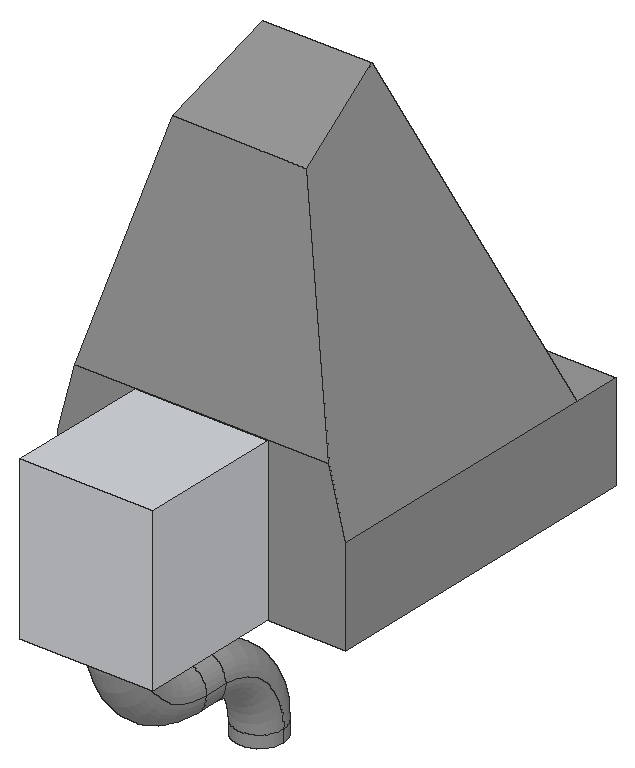
Revit family "Urinal-Willoughby-UW-1412-BJ-BS", category Plumbing Fixtures, Revit 2015
Parameters (values of type "Standard")
  Waste DIA = 2"
  Waste Connection = yes
  Vent Connection = no
  URL = "https://www.willoughby-ind.com/wp-content/uploads/2018/01/UW-1412-BJ.pdf"
  Type Comments = ""
  Revision = "A"
  Model = "UW-1412-BJ-BS"
  Manufacturer = "Willoughby Industries"
  HW Connection = no
  Flush Inlet DIA = 1 1/2"
  Flush Inlet Connection = yes
  Fixture Body = Stainless Steel AISI 304-Willoughby
  Description = "Rear Mounted Blow Jet Urinal, Back Spud"
  Default Elevation = 1' - 2"
  Contact Info. = "(800) 428-4065"
  CW Connection = no
Reference planes (in)
  plane 1 "Center (Front/Back)": y = 0
  plane 2: z = 0
  plane 3 "Center (Left/Right)": x = 0
Forms (in)
  Extrusion 1, solid, material "Stainless Steel AISI 304-Willoughby" <- "Fixture Body"
    sketch origin (0, 0, 0) x (1, 0, 0) y (0, 0, 1)
      loop
        line (-6, 4) -> (-6, 0) -> (6, 0) -> (6, 4) -> (-6, 4)
    from -14 to 0
  Extrusion 2, solid, material "Stainless Steel AISI 304-Willoughby" <- "Fixture Body"
    sketch origin (0, 0, -0.06446) x (0, 1, 0) y (0, 0, 1)
      loop
        line (0, 4.06446) -> (11.97238, 4.06446) -> (6, 18) -> (2, 16) -> (0, 6.75) -> (0, 4.06446)
    from -6 to 6
  Extrusion 3, void, detail levels fine
    sketch origin (0, 0, 0) x (1, 0, 0) y (0, 0, 1)
      loop
        line (2.25, 17.93554) -> (6, 4) -> (8.25, 4) -> (8.25, 17.93554) -> (2.25, 17.93554)
    from 0 to -14
  Extrusion 4, void, detail levels fine
    sketch origin (0, 0, 0) x (-1, 0, 0) y (0, 0, -1)
      loop
        line (2.25, -17.93554) -> (8.25, -17.93554) -> (8.25, -4) -> (6, -4) -> (2.25, -17.93554)
    from 0 to -14
  Extrusion 5, void, detail levels fine
    sketch origin (0, 0, 0) x (1, 0, 0) y (0, 0, 1)
      loop
        line (1.77095, 17.31054) -> (-1.77095, 17.31054) -> (-5.35277, 4) -> (5.35277, 4) -> (1.77095, 17.31054)
    from -5.08704 to -12.29395
  Extrusion 6, void, detail levels fine
    sketch origin (0, 0, 0) x (1, 0, 0) y (0, 0, 1)
      loop
        line (5.35277, 4) -> (-5.35277, 4) -> (-5.35277, 1) -> (5.35277, 1) -> (5.35277, 4)
    from -5.08704 to -12.29395
  Extrusion 7, solid
    sketch origin (0, 0, 0) x (0, 1, 0) y (0, 0, 1)
      loop
        line (0, 6.68554) -> (-6, 6.68554) -> (-6, 0) -> (0, 0) -> (0, 6.68554)
    from -2.75 to 2.75
  Sweep 8, solid, material "Stainless Steel AISI 304-Willoughby" <- "Fixture Body"
    path origin (0, 5.25, 0) x (0, 1, 0) y (0, 0, 1)
      loop
        arc (-9.7427, 0.27404) -> (-8.64365, -2.05351) -> (-6.25, -3) r 3.5
        line (-6.25, -3) -> (-5.25, -3)
        arc (-5.25, -3) -> (-3.12868, -3.87868) -> (-2.25, -6) r 3
        line (-2.25, -6) -> (-2.25, -6.5)
    profile origin (0, 3, -6.25) x (1, 0, 0) y (0, 1, 0)
      loop
        circle (0, 0) r 1
  Extrusion 9, solid, material "Stainless Steel AISI 304-Willoughby" <- "Fixture Body"
    sketch origin (0, 0, 0.25) x (1, 0, 0) y (0, 1, 0)
      loop
        circle (0, 12.75) r 0.75
    from -0.25 to 0.44537
Cuts and joins
  Extrusion 3, Extrusion 4, Extrusion 5, Extrusion 6 cuts Extrusion 1
  Extrusion 3, Extrusion 4, Extrusion 5, Extrusion 6 cuts Extrusion 2
  joined: Extrusion 1, Extrusion 2
Lines and regions (in)
  symbolic lines
    curve 1: line (6, 0, 0) -> (-6, 0, 0)
    curve 2: line (-6, 0, 0) -> (-6, 14, 0)
    curve 3: line (-6, 14, 0) -> (6, 14, 0)
    curve 4: line (6, 14, 0) -> (6, 0, 0)
    curve 11: line (-6, 11.97238, 0) -> (-2.25, 6, 0)
    curve 12: line (-2.25, 6, 0) -> (2.25, 6, 0)
    curve 13: line (2.25, 6, 0) -> (6, 11.97238, 0)
    curve 14: line (2.25, 6, 0) -> (2.78819, 2, 0)
    curve 15: line (2.78819, 2, 0) -> (-2.78819, 2, 0)
    curve 16: line (-2.78819, 2, 0) -> (-2.25, 6, 0)
    curve 17: line (-2.78819, 2, 0) -> (-5.27733, 0, 0)
    curve 18: line (2.78819, 2, 0) -> (5.27733, 0, 0)
    curve 19: line (2.75, 0, 0) -> (2.75, -6, 0)
    curve 20: line (2.75, -6, 0) -> (-2.75, -6, 0)
    curve 21: line (-2.75, -6, 0) -> (-2.75, 0, 0)
    curve 22: line (-6, 0, 0) -> (6, 0, 0)
    curve 23: line (6, 0, 0) -> (6, 0, 4)
    curve 24: line (6, 0, 4) -> (2.25, 0, 17.93554)
    curve 25: line (2.25, 0, 17.93554) -> (-2.25, 0, 17.93554)
    curve 26: line (-2.25, 0, 17.93554) -> (-6, 0, 4)
    curve 27: line (-6, 0, 4) -> (-6, 0, 0)
    curve 32: line (0, -6, 0) -> (0, 14, 0)
    curve 33: line (0, 14, 0) -> (0, 14, 4)
    curve 34: line (0, 14, 4) -> (0, 0, 4)
    curve 35: line (0, 11.97238, 4) -> (0, 6, 17.93554)
    curve 36: line (0, 6, 17.93554) -> (0, 2, 15.93554)
    curve 37: line (0, 2, 15.93554) -> (0, 0, 6.68554)
    curve 38: line (0, 0, 6.68554) -> (0, -6, 6.68554)
    curve 39: line (0, -6, 6.68554) -> (0, -6, 0)
    curve 40: line (0, 0, 6.68554) -> (0, 0, 0)
  symbolic lines, detail levels medium+fine
    curve 5: line (-5.35277, 11.97238, 0) -> (-5.35277, 12.29395, 0)
    curve 6: line (-5.35277, 12.29395, 0) -> (5.35277, 12.29395, 0)
    curve 7: line (5.35277, 12.29395, 0) -> (5.35277, 11.97238, 0)
    curve 8: line (5.35277, 11.97238, 0) -> (1.77095, 6.26786, 0)
    curve 9: line (1.77095, 6.26786, 0) -> (-1.77095, 6.26786, 0)
    curve 10: line (-1.77095, 6.26786, 0) -> (-5.35277, 11.97238, 0)
    curve 28: line (6, 0, 4) -> (-6, 0, 4)
  symbolic lines, detail levels fine
    curve 29: line (5.35277, 0, 4) -> (1.77095, 0, 17.31054)
    curve 30: line (1.77095, 0, 17.31054) -> (-1.77095, 0, 17.31054)
    curve 31: line (-1.77095, 0, 17.31054) -> (-5.35277, 0, 4)
Dimensions and locks (in)
  aligned and locked: cut or joined group of Extrusion 1, Extrusion 2, Extrusion 3, Extrusion 4, Extrusion 5, Extrusion 6 to cut or joined group of Extrusion 1, Extrusion 2, Extrusion 3, Extrusion 4, Extrusion 5, Extrusion 6  (x14)
Connectors (in)
  piping at (0, 3, -6.5), diameter 2, driven by "Waste Connection", driven by "Waste DIA"
    settings: on Sweep 8, index 1, connector inside diameter 2", connector length 0' - 0", flow factor 0, pipe flow 0 GPM, pressure drop 0.00 psi, fitting loss kfactor 0, connector angle 0.00°, fixture units 0, engagement length 0' - 0", angle of deflection 0.00°, flow configuration 0, flow direction 2, fitting loss method 0, system type 16, joint type 0, gender type 0, connector reference index -1, connector utility 1, adjustable connector yes, is connector primary yes, connector description "Urinal Waste"
  piping at (0, 12.75, 0), diameter 1.5, driven by "Flush Inlet Connection", driven by "Flush Inlet DIA"
    settings: on Extrusion 9, index 2, connector inside diameter 1 1/2", connector length 0' - 0", flow factor 0, pipe flow 0 GPM, pressure drop 0.00 psi, fitting loss kfactor 0, connector angle 0.00°, fixture units 0, engagement length 0' - 0", angle of deflection 0.00°, flow configuration 0, flow direction 1, fitting loss method 0, system type 20, joint type 0, gender type 0, connector reference index -1, connector utility 1, adjustable connector no, is connector primary no, connector description "Flush Inlet"
